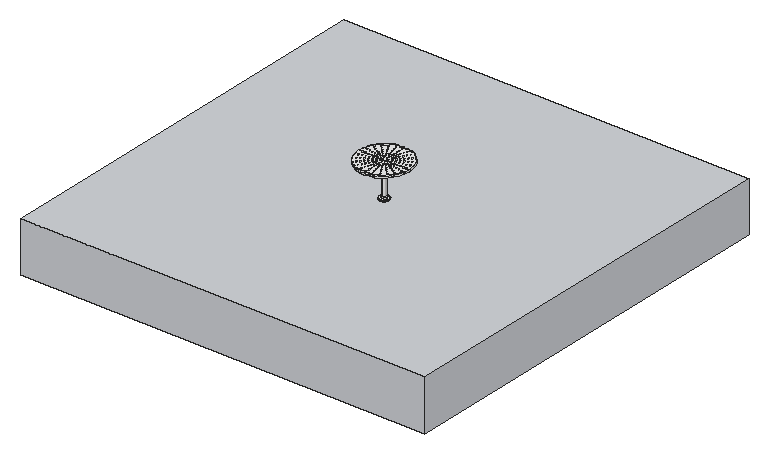
Revit family (continued)
Definition of nested family "13690_Base"
  Lines and regions (in)
    symbolic lines, style "Masking Lines", detail levels fine
      curve 324: arc (1.17986, 4.40331, 2.75) -> (1.22133, 4.33149, 2.75) -> (1.14951, 4.29003, 2.75) r 0.05864
      curve 325: arc (1.34362, 5.01447, 2.75) -> (1.30216, 5.08629, 2.75) -> (1.37398, 5.12775, 2.75) r 0.05864
      curve 326: arc (1.37398, 5.12775, 2.75) -> (1.41544, 5.05593, 2.75) -> (1.34362, 5.01447, 2.75) r 0.05864
      curve 327: arc (2.59568, 4.49585, 2.75) -> (2.57422, 4.57595, 2.75) -> (2.65432, 4.59742, 2.75) r 0.05864
      curve 328: arc (2.65432, 4.59742, 2.75) -> (2.67578, 4.51731, 2.75) -> (2.59568, 4.49585, 2.75) r 0.05864
      curve 329: arc (2.22068, 3.84633, 2.75) -> (2.19922, 3.92643, 2.75) -> (2.27932, 3.9479, 2.75) r 0.05864
      curve 330: arc (2.27932, 3.9479, 2.75) -> (2.30078, 3.8678, 2.75) -> (2.22068, 3.84633, 2.75) r 0.05864
      curve 331: arc (1.84568, 3.19681, 2.75) -> (1.82422, 3.27691, 2.75) -> (1.90432, 3.29838, 2.75) r 0.05864
      curve 332: arc (1.90432, 3.29838, 2.75) -> (1.92578, 3.21828, 2.75) -> (1.84568, 3.19681, 2.75) r 0.05864
      curve 333: arc (1.47068, 2.54729, 2.75) -> (1.44922, 2.6274, 2.75) -> (1.52932, 2.64886, 2.75) r 0.05864
      curve 334: arc (1.52932, 2.64886, 2.75) -> (1.55078, 2.56876, 2.75) -> (1.47068, 2.54729, 2.75) r 0.05864
      curve 335: arc (1.09568, 1.89777, 2.75) -> (1.07422, 1.97788, 2.75) -> (1.15432, 1.99934, 2.75) r 0.05864
      curve 336: arc (1.15432, 1.99934, 2.75) -> (1.17578, 1.91924, 2.75) -> (1.09568, 1.89777, 2.75) r 0.05864
      curve 337: arc (0.72068, 1.24826, 2.75) -> (0.69922, 1.32836, 2.75) -> (0.77932, 1.34982, 2.75) r 0.05864
      curve 338: arc (0.77932, 1.34982, 2.75) -> (0.80078, 1.26972, 2.75) -> (0.72068, 1.24826, 2.75) r 0.05864
      curve 339: arc (0.48887, 0.48887, 2.75) -> (0.48887, 0.57179, 2.75) -> (0.57179, 0.57179, 2.75) r 0.05864
      curve 340: arc (0.57179, 0.57179, 2.75) -> (0.57179, 0.48887, 2.75) -> (0.48887, 0.48887, 2.75) r 0.05864
      curve 341: arc (1.0192, 1.0192, 2.75) -> (1.0192, 1.10212, 2.75) -> (1.10212, 1.10212, 2.75) r 0.05864
      curve 342: arc (1.10212, 1.10212, 2.75) -> (1.10212, 1.0192, 2.75) -> (1.0192, 1.0192, 2.75) r 0.05864
      curve 343: arc (1.54953, 1.54953, 2.75) -> (1.54953, 1.63245, 2.75) -> (1.63245, 1.63245, 2.75) r 0.05864
      curve 344: arc (1.63245, 1.63245, 2.75) -> (1.63245, 1.54953, 2.75) -> (1.54953, 1.54953, 2.75) r 0.05864
      curve 345: arc (2.07986, 2.07986, 2.75) -> (2.07986, 2.16278, 2.75) -> (2.16278, 2.16278, 2.75) r 0.05864
      curve 346: arc (2.16278, 2.16278, 2.75) -> (2.16278, 2.07986, 2.75) -> (2.07986, 2.07986, 2.75) r 0.05864
      curve 347: arc (2.61019, 2.61019, 2.75) -> (2.61019, 2.69311, 2.75) -> (2.69311, 2.69311, 2.75) r 0.05864
      curve 348: arc (2.69311, 2.69311, 2.75) -> (2.69311, 2.61019, 2.75) -> (2.61019, 2.61019, 2.75) r 0.05864
      curve 349: arc (3.14052, 3.14052, 2.75) -> (3.14052, 3.22344, 2.75) -> (3.22344, 3.22344, 2.75) r 0.05864
      curve 350: arc (3.22344, 3.22344, 2.75) -> (3.22344, 3.14052, 2.75) -> (3.14052, 3.14052, 2.75) r 0.05864
      curve 351: arc (3.67085, 3.67085, 2.75) -> (3.67085, 3.75377, 2.75) -> (3.75377, 3.75377, 2.75) r 0.05864
      curve 352: arc (3.75377, 3.75377, 2.75) -> (3.75377, 3.67085, 2.75) -> (3.67085, 3.67085, 2.75) r 0.05864
      curve 353: arc (4.49585, 2.59568, 2.75) -> (4.51731, 2.67578, 2.75) -> (4.59742, 2.65432, 2.75) r 0.05864
      curve 354: arc (4.59742, 2.65432, 2.75) -> (4.57595, 2.57422, 2.75) -> (4.49585, 2.59568, 2.75) r 0.05864
      curve 355: arc (3.84633, 2.22068, 2.75) -> (3.8678, 2.30078, 2.75) -> (3.9479, 2.27932, 2.75) r 0.05864
      curve 356: arc (3.9479, 2.27932, 2.75) -> (3.92643, 2.19922, 2.75) -> (3.84633, 2.22068, 2.75) r 0.05864
      curve 357: arc (3.19681, 1.84568, 2.75) -> (3.21828, 1.92578, 2.75) -> (3.29838, 1.90432, 2.75) r 0.05864
      curve 358: arc (3.29838, 1.90432, 2.75) -> (3.27691, 1.82422, 2.75) -> (3.19681, 1.84568, 2.75) r 0.05864
      curve 359: arc (2.54729, 1.47068, 2.75) -> (2.56876, 1.55078, 2.75) -> (2.64886, 1.52932, 2.75) r 0.05864
      curve 360: arc (2.64886, 1.52932, 2.75) -> (2.6274, 1.44922, 2.75) -> (2.54729, 1.47068, 2.75) r 0.05864
      curve 361: arc (1.89777, 1.09568, 2.75) -> (1.91924, 1.17578, 2.75) -> (1.99934, 1.15432, 2.75) r 0.05864
      curve 362: arc (1.99934, 1.15432, 2.75) -> (1.97788, 1.07422, 2.75) -> (1.89777, 1.09568, 2.75) r 0.05864
      curve 363: arc (1.24826, 0.72068, 2.75) -> (1.26972, 0.80078, 2.75) -> (1.34982, 0.77932, 2.75) r 0.05864
      curve 364: arc (1.34982, 0.77932, 2.75) -> (1.32836, 0.69922, 2.75) -> (1.24826, 0.72068, 2.75) r 0.05864
      curve 365: arc (2.11669, 0.56717, 2.75) -> (2.15816, 0.63898, 2.75) -> (2.22997, 0.59752, 2.75) r 0.05864
      curve 366: arc (2.22997, 0.59752, 2.75) -> (2.18851, 0.5257, 2.75) -> (2.11669, 0.56717, 2.75) r 0.05864
      curve 367: arc (2.84114, 0.76128, 2.75) -> (2.8826, 0.8331, 2.75) -> (2.95442, 0.79163, 2.75) r 0.05864
      curve 368: arc (2.95442, 0.79163, 2.75) -> (2.91295, 0.71982, 2.75) -> (2.84114, 0.76128, 2.75) r 0.05864
      curve 369: arc (3.56558, 0.95539, 2.75) -> (3.60705, 1.02721, 2.75) -> (3.67886, 0.98575, 2.75) r 0.05864
      curve 370: arc (3.67886, 0.98575, 2.75) -> (3.6374, 0.91393, 2.75) -> (3.56558, 0.95539, 2.75) r 0.05864
      curve 371: arc (4.29003, 1.14951, 2.75) -> (4.33149, 1.22133, 2.75) -> (4.40331, 1.17986, 2.75) r 0.05864
      curve 372: arc (4.40331, 1.17986, 2.75) -> (4.36184, 1.10805, 2.75) -> (4.29003, 1.14951, 2.75) r 0.05864
      curve 373: arc (5.01447, 1.34362, 2.75) -> (5.05593, 1.41544, 2.75) -> (5.12775, 1.37398, 2.75) r 0.05864
      curve 374: arc (5.12775, 1.37398, 2.75) -> (5.08629, 1.30216, 2.75) -> (5.01447, 1.34362, 2.75) r 0.05864
  Dimensions and locks (in)
    equal spacing: plane 4 "Left", plane 3 "Center (Left/Right)", plane 5 "Right"
    equal spacing: plane 6 "Top", plane 1 "Center (Front/Back)", plane 7 "Bottom"
    plane 4 "Left" to plane 5 "Right" = 1' - 0"
    plane 6 "Top" to plane 7 "Bottom" = 1' - 0"
    plane 8 "Front" to plane 2 "Back" = 0' - 2 3/4"
    aligned and locked: plane 2 "Back" to level
  Automatic sketch dimensions
    Revolve 1 sketch curve to plane 4 "Left" = 0' - 0"
    Revolve 1 sketch curve to level = 0' - 0"  (x2)
    Revolve 1 sketch curve to plane 3 "Center (Left/Right)" = 0' - 0"  (x2)
    plane 4 "Left" to Revolve 1 sketch curve = 0' - 0.02974"
    plane 4 "Left" to Revolve 1 sketch curve = 0' - 0.02985"
    Revolve 1 sketch curve to plane 3 "Center (Left/Right)" = 0' - 0.72059"
    Revolve 1 sketch curve to Revolve 1 sketch curve = 0' - 0.03076"
    level to Revolve 1 sketch curve = 0' - 0.02372"
    Revolve 1 sketch curve to plane 3 "Center (Left/Right)" = 0' - 0.49543"
    Revolve 1 sketch curve to Revolve 1 sketch curve = 0' - 0.0199"
    Revolve 1 sketch curve to Revolve 1 sketch curve = 0' - 0.25135"
    Revolve 1 sketch curve to Revolve 1 sketch curve = 0' - 0.05803"
    Revolve 1 sketch curve to Revolve 1 sketch curve = 0' - 0.02688"
    Revolve 1 sketch curve to Revolve 1 sketch curve = 0' - 0"  (x2)
    Revolve 1 sketch curve to Revolve 1 sketch curve = 0' - 0.04464"
    Revolve 1 sketch curve to Revolve 1 sketch curve = 0' - 0.08818"
    plane 3 "Center (Left/Right)" to Revolve 1 sketch curve = 0' - 0.003"
    level to Revolve 1 sketch curve = 0' - 0.75212"
    Revolve 1 sketch curve to Revolve 1 sketch curve = 0' - 0.47299"
    Revolve 1 sketch curve to plane 8 "Front" = 0' - 0.50596"
    Revolve 1 sketch curve to plane 8 "Front" = 0' - 0.06293"
    Revolve 1 sketch curve to plane 8 "Front" = 0' - 0.01638"
    Masking region 1 sketch curve to plane 4 "Left" = 0' - 0"
    Masking region 1 sketch curve to level = 0' - 0"
    plane 5 "Right" to Masking region 1 sketch curve = 0' - 0"
    plane 4 "Left" to Masking region 1 sketch curve = 0' - 0.02974"
    Masking region 1 sketch curve to plane 3 "Center (Left/Right)" = 0' - 0.72059"
    Masking region 1 sketch curve to Masking region 1 sketch curve = 0' - 0.03076"  (x2)
    level to Masking region 1 sketch curve = 0' - 0.02372"
    Masking region 1 sketch curve to plane 3 "Center (Left/Right)" = 0' - 0.49543"
    Masking region 1 sketch curve to Masking region 1 sketch curve = 0' - 0.0199"
    level to Masking region 1 sketch curve = 0' - 0.02052"  (x2)
    Masking region 1 sketch curve to Masking region 1 sketch curve = 0' - 0.25135"  (x2)
    Masking region 1 sketch curve to Masking region 1 sketch curve = 0' - 0.05823"
    Masking region 1 sketch curve to Masking region 1 sketch curve = 0' - 0.02679"
    Masking region 1 sketch curve to Masking region 1 sketch curve = 0' - 0"  (x4)
    Masking region 1 sketch curve to Masking region 1 sketch curve = 0' - 0.04434"  (x2)
    Masking region 1 sketch curve to Masking region 1 sketch curve = 0' - 0.22998"  (x2)
    Masking region 1 sketch curve to plane 3 "Center (Left/Right)" = 0' - 0.00965"
    plane 3 "Center (Left/Right)" to Masking region 1 sketch curve = 0' - 0.00965"
    plane 3 "Center (Left/Right)" to Masking region 1 sketch curve = 0' - 0.26545"
    plane 3 "Center (Left/Right)" to Masking region 1 sketch curve = 0' - 0.33591"
    Masking region 1 sketch curve to Masking region 1 sketch curve = 0' - 0.01755"
    Masking region 1 sketch curve to Masking region 1 sketch curve = 0' - 0.10257"
    plane 3 "Center (Left/Right)" to Masking region 1 sketch curve = 0' - 0.47516"
    Masking region 1 sketch curve to Masking region 1 sketch curve = 0' - 0.00037"
    plane 5 "Right" to Masking region 1 sketch curve = 0' - 0.02974"
    Masking region 1 sketch curve to Masking region 1 sketch curve = 0' - 0.7284"  (x2)
    Masking region 1 sketch curve to Masking region 1 sketch curve = 0' - 0.47299"  (x2)
    Masking region 1 sketch curve to plane 8 "Front" = 0' - 0.50596"  (x2)
    Masking region 1 sketch curve to plane 8 "Front" = 0' - 0.06282"
    plane 8 "Front" to curve 1 = 0' - 0.01048"
    plane 4 "Left" to curve 1 = 0' - 0.7993"
    curve 1 to plane 8 "Front" = 0' - 0.02704"
    curve 1 to curve 1 = 0' - 0.00866"
    curve 2 to plane 3 "Center (Left/Right)" = 0' - 0.72059"
    curve 2 to curve 3 = 0' - 0.03076"
    curve 7 to plane 3 "Center (Left/Right)" = 0' - 0.49543"
    curve 4 to plane 3 "Center (Left/Right)" = 0' - 0.43848"
    curve 4 to curve 6 = 0' - 0.08502"
    curve 6 to curve 5 = 0' - 0.01755"
    curve 15 to plane 3 "Center (Left/Right)" = 0' - 0.19715"
    curve 7 to curve 10 = 0' - 0.00407"
    curve 14 to curve 16 = 0' - 0.01412"
    curve 10 to plane 3 "Center (Left/Right)" = 0' - 0.00005"
    curve 9 to curve 10 = 0' - 0"
    curve 16 to curve 12 = 0' - 0.0163"
    curve 12 to curve 11 = 0' - 0.00407"
    plane 3 "Center (Left/Right)" to curve 5 = 0' - 0.33591"
    curve 5 to curve 6 = 0' - 0.01755"
    curve 5 to curve 4 = 0' - 0.10257"
    curve 6 to curve 8 = 0' - 0.14197"
    curve 4 to curve 3 = 0' - 0.25135"
    curve 3 to curve 2 = 0' - 0.03076"
    curve 2 to plane 8 "Front" = 0' - 0.50596"
    curve 3 to curve 2 = 0' - 0.5744"
    curve 4 to curve 3 = 0' - 0.47299"
    curve 5 to curve 4 = 0' - 0.11319"
    curve 6 to curve 5 = 0' - 0.11886"
    curve 12 to curve 6 = 0' - 0.21248"
    level to curve 12 = 0' - 0.1745"
    curve 13 to curve 14 = 0' - 0.00021"
    curve 16 to curve 12 = 0' - 0.00706"
    Masking region 2 sketch curve to level = 0' - 0"
    plane 7 "Bottom" to Masking region 2 sketch curve = 0' - 0"
    plane 1 "Center (Front/Back)" to Masking region 2 sketch curve = 0' - 0.72059"
    Masking region 2 sketch curve to Masking region 2 sketch curve = 0' - 0.03104"  (x2)
    level to Masking region 2 sketch curve = 0' - 0.02359"
    plane 1 "Center (Front/Back)" to Masking region 2 sketch curve = 0' - 0.49532"
    Masking region 2 sketch curve to Masking region 2 sketch curve = 0' - 0.01979"  (x2)
    Masking region 2 sketch curve to Masking region 2 sketch curve = 0' - 0.25086"  (x2)
    Masking region 2 sketch curve to Masking region 2 sketch curve = 0' - 0.05684"
    Masking region 2 sketch curve to Masking region 2 sketch curve = 0' - 0.02985"
    Masking region 2 sketch curve to Masking region 2 sketch curve = 0' - 0.04589"  (x2)
    Masking region 2 sketch curve to Masking region 2 sketch curve = 0' - 0"  (x2)
    Masking region 2 sketch curve to Masking region 2 sketch curve = 0' - 0.08585"
    plane 1 "Center (Front/Back)" to Masking region 2 sketch curve = 0' - 0.03775"
    Masking region 2 sketch curve to plane 1 "Center (Front/Back)" = 0' - 0.03775"
    Masking region 2 sketch curve to plane 1 "Center (Front/Back)" = 0' - 0.26616"
    Masking region 2 sketch curve to plane 1 "Center (Front/Back)" = 0' - 0.33597"
    Masking region 2 sketch curve to Masking region 2 sketch curve = 0' - 0.01604"
    Masking region 2 sketch curve to Masking region 2 sketch curve = 0' - 0.10273"
    level to Masking region 2 sketch curve = 0' - 0.0201"
    Masking region 2 sketch curve to plane 1 "Center (Front/Back)" = 0' - 0.47553"
    Masking region 2 sketch curve to plane 6 "Top" = 0' - 0.03006"
    Masking region 2 sketch curve to plane 6 "Top" = 0' - 0.03001"
    plane 6 "Top" to Masking region 2 sketch curve = 0' - 0"
    Masking region 2 sketch curve to Masking region 2 sketch curve = 0' - 0.72853"  (x2)
    Masking region 2 sketch curve to Masking region 2 sketch curve = 0' - 0.06454"  (x2)
    Masking region 2 sketch curve to Masking region 2 sketch curve = 0' - 0.47299"  (x2)
    Masking region 2 sketch curve to plane 8 "Front" = 0' - 0.48926"  (x2)
    Masking region 2 sketch curve to plane 8 "Front" = 0' - 0.04644"
    level to curve 21 = 0' - 0.02022"
    plane 1 "Center (Front/Back)" to curve 21 = 0' - 0.49543"
    plane 1 "Center (Front/Back)" to curve 22 = 0' - 0.49532"
    curve 22 to plane 1 "Center (Front/Back)" = 0' - 0.49532"
    curve 21 to plane 1 "Center (Front/Back)" = 0' - 0.49543"
    curve 21 to curve 22 = 0' - 0.7319"
    Masking region 3 sketch curve to plane 4 "Left" = 0' - 0"
    Masking region 3 sketch curve to plane 5 "Right" = 0' - 0"
    Masking region 3 sketch curve to plane 7 "Bottom" = 0' - 0"
    Masking region 3 sketch curve to plane 6 "Top" = 0' - 0"
    plane 7 "Bottom" to Masking region 2 sketch curve = 0' - 0.03008"
    Masking region 4 sketch curve to Masking region 4 sketch curve = 0' - 0"  (x2)
    plane 1 "Center (Front/Back)" to Masking region 4 sketch curve = 0' - 0"
    Masking region 4 sketch curve to plane 4 "Left" = 0' - 0"
    Masking region 4 sketch curve to plane 3 "Center (Left/Right)" = 0' - 0"
    Extrusion 2 sketch curve to Extrusion 2 sketch curve = 0' - 0"  (x288)
    plane 1 "Center (Front/Back)" to Extrusion 2 sketch curve = 0' - 0"  (x14)
    Extrusion 2 sketch curve to plane 3 "Center (Left/Right)" = 0' - 0"  (x14)
    plane 3 "Center (Left/Right)" to Extrusion 2 sketch curve = 0' - 0.48887"  (x2)
    Extrusion 2 sketch curve to Extrusion 2 sketch curve = 0' - 0.04146"  (x84)
    plane 3 "Center (Left/Right)" to Extrusion 2 sketch curve = 0' - 0.56717"  (x2)
    Extrusion 2 sketch curve to Extrusion 2 sketch curve = 0' - 0.01518"  (x60)
    Extrusion 2 sketch curve to Extrusion 2 sketch curve = 0' - 0.2025"  (x4)
    Extrusion 2 sketch curve to Extrusion 2 sketch curve = 0' - 0.14889"  (x8)
    Extrusion 2 sketch curve to Extrusion 2 sketch curve = 0' - 0.02932"  (x72)
    Extrusion 2 sketch curve to Extrusion 2 sketch curve = 0' - 0.05864"  (x28)
    Extrusion 2 sketch curve to Extrusion 2 sketch curve = 0' - 0.16376"  (x32)
    Extrusion 2 sketch curve to Extrusion 2 sketch curve = 0' - 0.29852"  (x8)
    Extrusion 2 sketch curve to Extrusion 2 sketch curve = 0' - 0.52851"  (x8)
    Extrusion 2 sketch curve to Extrusion 2 sketch curve = 0' - 0.22906"  (x8)
    Extrusion 2 sketch curve to Extrusion 2 sketch curve = 0' - 0 13/256"  (x72)
    Extrusion 2 sketch curve to Extrusion 2 sketch curve = 0' - 0.63272"  (x20)
    Extrusion 2 sketch curve to Extrusion 2 sketch curve = 0' - 0.31636"  (x32)
    Extrusion 2 sketch curve to Extrusion 2 sketch curve = 0' - 0.45385"  (x8)
    Extrusion 2 sketch curve to Extrusion 2 sketch curve = 0' - 0.34825"  (x8)
    Extrusion 2 sketch curve to Extrusion 2 sketch curve = 0' - 0.4474"  (x32)
    Extrusion 2 sketch curve to Extrusion 2 sketch curve = 0' - 0.21892"  (x8)
    Extrusion 2 sketch curve to Extrusion 2 sketch curve = 0' - 0.05664"  (x60)
    Extrusion 2 sketch curve to Extrusion 2 sketch curve = 0' - 0.07467"  (x4)
    Extrusion 2 sketch curve to Extrusion 2 sketch curve = 0' - 0.54795"  (x32)
    Extrusion 2 sketch curve to Extrusion 2 sketch curve = 0' - 0.61116"  (x32)
    Extrusion 2 sketch curve to plane 3 "Center (Left/Right)" = 0' - 0.48887"  (x2)
    Extrusion 2 sketch curve to plane 3 "Center (Left/Right)" = 0' - 0.56717"  (x2)
    Extrusion 2 sketch curve to plane 1 "Center (Front/Back)" = 0' - 0.48887"  (x2)
    Extrusion 2 sketch curve to plane 1 "Center (Front/Back)" = 0' - 0.56717"  (x2)
    plane 1 "Center (Front/Back)" to Extrusion 2 sketch curve = 0' - 0.48887"  (x2)
    plane 1 "Center (Front/Back)" to Extrusion 2 sketch curve = 0' - 0.56717"  (x2)
    curve 27 to curve 28 = 0' - 0"  (x2)
    curve 27 to curve 57 = 0' - 0"  (x2)
    curve 27 to curve 58 = 0' - 0"  (x2)
    curve 28 to curve 57 = 0' - 0"  (x2)
    curve 28 to curve 58 = 0' - 0"  (x2)
    curve 29 to curve 30 = 0' - 0"  (x2)
    curve 29 to curve 87 = 0' - 0"  (x2)
    curve 29 to curve 88 = 0' - 0"  (x2)
    curve 30 to curve 87 = 0' - 0"  (x2)
    curve 30 to curve 88 = 0' - 0"  (x3)
    curve 31 to curve 32 = 0' - 0"  (x2)
    curve 31 to curve 89 = 0' - 0"  (x2)
    curve 31 to curve 90 = 0' - 0"  (x2)
    curve 32 to curve 89 = 0' - 0"  (x2)
    curve 32 to curve 90 = 0' - 0"  (x2)
    curve 33 to curve 34 = 0' - 0"  (x2)
    curve 33 to curve 91 = 0' - 0"  (x2)
    curve 33 to curve 92 = 0' - 0"  (x2)
    curve 34 to curve 91 = 0' - 0"  (x2)
    curve 34 to curve 92 = 0' - 0"  (x3)
    curve 35 to curve 36 = 0' - 0"  (x2)
    curve 35 to curve 93 = 0' - 0"  (x2)
    curve 35 to curve 94 = 0' - 0"  (x2)
    curve 36 to curve 93 = 0' - 0"  (x2)
    curve 36 to curve 94 = 0' - 0"  (x2)
    curve 37 to curve 38 = 0' - 0"  (x2)
    curve 37 to curve 95 = 0' - 0"  (x2)
    curve 37 to curve 96 = 0' - 0"  (x2)
    curve 38 to curve 95 = 0' - 0"  (x2)
    curve 38 to curve 96 = 0' - 0"  (x3)
    curve 39 to curve 40 = 0' - 0"  (x2)
    curve 39 to curve 97 = 0' - 0"  (x2)
    curve 39 to curve 98 = 0' - 0"  (x2)
    curve 40 to curve 97 = 0' - 0"  (x2)
    curve 40 to curve 98 = 0' - 0"  (x2)
    curve 41 to curve 42 = 0' - 0"  (x2)
    curve 41 to curve 99 = 0' - 0"  (x2)
    curve 41 to curve 100 = 0' - 0"  (x2)
    curve 42 to curve 99 = 0' - 0"  (x2)
    curve 42 to curve 100 = 0' - 0"  (x3)
    curve 43 to curve 44 = 0' - 0"  (x2)
    curve 43 to curve 101 = 0' - 0"  (x2)
    curve 43 to curve 102 = 0' - 0"  (x2)
    curve 44 to curve 101 = 0' - 0"  (x2)
    curve 44 to curve 102 = 0' - 0"  (x2)
    curve 45 to curve 46 = 0' - 0"  (x2)
    curve 45 to curve 103 = 0' - 0"  (x2)
    curve 45 to curve 104 = 0' - 0"  (x2)
    curve 46 to curve 103 = 0' - 0"  (x2)
    curve 46 to curve 104 = 0' - 0"  (x2)
    curve 47 to curve 48 = 0' - 0"  (x2)
    curve 47 to curve 105 = 0' - 0"  (x3)
    curve 47 to curve 106 = 0' - 0"  (x2)
    curve 48 to curve 105 = 0' - 0"  (x2)
    curve 48 to curve 106 = 0' - 0"  (x2)
    curve 49 to curve 50 = 0' - 0"  (x2)
    curve 49 to curve 107 = 0' - 0"  (x2)
    curve 49 to curve 108 = 0' - 0"  (x2)
    curve 50 to curve 107 = 0' - 0"  (x2)
    curve 50 to curve 108 = 0' - 0"  (x3)
    curve 51 to curve 52 = 0' - 0"  (x2)
    curve 51 to curve 109 = 0' - 0"  (x2)
    curve 51 to curve 110 = 0' - 0"  (x2)
    curve 52 to curve 109 = 0' - 0"  (x2)
    curve 52 to curve 110 = 0' - 0"  (x3)
    curve 53 to curve 54 = 0' - 0"  (x2)
    curve 53 to curve 111 = 0' - 0"  (x2)
    curve 53 to curve 112 = 0' - 0"  (x2)
    curve 54 to curve 111 = 0' - 0"  (x3)
    curve 54 to curve 112 = 0' - 0"  (x2)
    curve 55 to curve 56 = 0' - 0"  (x2)
    curve 55 to curve 113 = 0' - 0"  (x3)
    curve 55 to curve 114 = 0' - 0"  (x2)
    curve 56 to curve 113 = 0' - 0"  (x2)
    curve 56 to curve 114 = 0' - 0"  (x2)
    curve 57 to curve 58 = 0' - 0"  (x2)
    curve 59 to curve 60 = 0' - 0"  (x2)
    curve 59 to curve 115 = 0' - 0"  (x2)
    curve 59 to curve 116 = 0' - 0"  (x2)
    curve 60 to curve 115 = 0' - 0"  (x2)
    curve 60 to curve 116 = 0' - 0"  (x2)
    curve 61 to curve 62 = 0' - 0"  (x2)
    curve 61 to curve 117 = 0' - 0"  (x3)
    curve 61 to curve 118 = 0' - 0"  (x2)
    curve 62 to curve 117 = 0' - 0"  (x2)
    curve 62 to curve 118 = 0' - 0"  (x2)
    curve 63 to curve 64 = 0' - 0"  (x2)
    curve 63 to curve 119 = 0' - 0"  (x2)
    curve 63 to curve 120 = 0' - 0"  (x2)
    curve 64 to curve 119 = 0' - 0"  (x2)
    curve 64 to curve 120 = 0' - 0"  (x2)
    curve 65 to curve 66 = 0' - 0"  (x2)
    curve 65 to curve 121 = 0' - 0"  (x3)
    curve 65 to curve 122 = 0' - 0"  (x2)
    curve 66 to curve 121 = 0' - 0"  (x2)
    curve 66 to curve 122 = 0' - 0"  (x2)
    curve 67 to curve 68 = 0' - 0"  (x2)
    curve 67 to curve 123 = 0' - 0"  (x2)
    curve 67 to curve 124 = 0' - 0"  (x2)
    curve 68 to curve 123 = 0' - 0"  (x2)
    curve 68 to curve 124 = 0' - 0"  (x2)
    curve 69 to curve 70 = 0' - 0"  (x2)
    curve 69 to curve 125 = 0' - 0"  (x2)
    curve 69 to curve 126 = 0' - 0"  (x2)
    curve 70 to curve 125 = 0' - 0"  (x2)
    curve 70 to curve 126 = 0' - 0"  (x2)
    curve 71 to curve 72 = 0' - 0"  (x2)
    curve 71 to curve 127 = 0' - 0"  (x3)
    curve 71 to curve 128 = 0' - 0"  (x2)
    curve 72 to curve 127 = 0' - 0"  (x2)
    curve 72 to curve 128 = 0' - 0"  (x2)
    curve 73 to curve 74 = 0' - 0"  (x2)
    curve 75 to curve 76 = 0' - 0"  (x2)
    curve 75 to curve 131 = 0' - 0"  (x3)
    curve 75 to curve 132 = 0' - 0"  (x2)
    curve 76 to curve 131 = 0' - 0"  (x2)
    curve 76 to curve 132 = 0' - 0"  (x2)
    curve 77 to curve 78 = 0' - 0"  (x2)
    curve 77 to curve 133 = 0' - 0"  (x3)
    curve 77 to curve 134 = 0' - 0"  (x2)
    curve 78 to curve 133 = 0' - 0"  (x2)
    curve 78 to curve 134 = 0' - 0"  (x2)
    curve 79 to curve 80 = 0' - 0"  (x2)
    curve 79 to curve 135 = 0' - 0"  (x2)
    curve 79 to curve 136 = 0' - 0"  (x2)
    curve 80 to curve 135 = 0' - 0"  (x2)
    curve 80 to curve 136 = 0' - 0"  (x3)
    curve 81 to curve 82 = 0' - 0"  (x2)
    curve 81 to curve 137 = 0' - 0"  (x2)
    curve 81 to curve 138 = 0' - 0"  (x2)
    curve 82 to curve 137 = 0' - 0"  (x3)
    curve 82 to curve 138 = 0' - 0"  (x2)
    curve 83 to curve 84 = 0' - 0"  (x2)
    curve 83 to curve 139 = 0' - 0"  (x2)
    curve 83 to curve 140 = 0' - 0"  (x2)
    curve 84 to curve 139 = 0' - 0"  (x2)
    curve 84 to curve 140 = 0' - 0"  (x3)
    curve 85 to curve 86 = 0' - 0"  (x2)
    curve 85 to curve 141 = 0' - 0"  (x2)
    curve 85 to curve 142 = 0' - 0"  (x2)
    curve 86 to curve 141 = 0' - 0"  (x2)
    curve 86 to curve 142 = 0' - 0"  (x2)
    curve 87 to curve 88 = 0' - 0"  (x2)
    curve 89 to curve 90 = 0' - 0"  (x2)
    curve 91 to curve 92 = 0' - 0"  (x2)
    curve 93 to curve 94 = 0' - 0"  (x2)
    curve 95 to curve 96 = 0' - 0"  (x2)
    curve 97 to curve 98 = 0' - 0"  (x2)
    curve 99 to curve 100 = 0' - 0"  (x2)
    curve 101 to curve 102 = 0' - 0"  (x2)
    curve 103 to curve 104 = 0' - 0"  (x2)
    curve 105 to curve 106 = 0' - 0"  (x2)
    curve 107 to curve 108 = 0' - 0"  (x2)
    curve 109 to curve 110 = 0' - 0"  (x2)
    curve 111 to curve 112 = 0' - 0"  (x2)
    curve 113 to curve 114 = 0' - 0"  (x2)
    curve 115 to curve 116 = 0' - 0"  (x2)
    curve 117 to curve 118 = 0' - 0"  (x2)
    curve 119 to curve 120 = 0' - 0"  (x2)
    curve 121 to curve 122 = 0' - 0"  (x2)
    curve 123 to curve 124 = 0' - 0"  (x2)
    curve 125 to curve 126 = 0' - 0"  (x2)
    curve 127 to curve 128 = 0' - 0"  (x2)
    curve 129 to curve 130 = 0' - 0"  (x2)
    curve 131 to curve 132 = 0' - 0"  (x2)
    curve 133 to curve 134 = 0' - 0"  (x2)
    curve 135 to curve 136 = 0' - 0"  (x2)
    curve 137 to curve 138 = 0' - 0"  (x2)
    curve 139 to curve 140 = 0' - 0"  (x2)
    curve 141 to curve 142 = 0' - 0"  (x2)
    curve 143 to curve 144 = 0' - 0"  (x2)
    curve 145 to curve 146 = 0' - 0"  (x2)
    curve 147 to curve 148 = 0' - 0"  (x2)
    curve 149 to curve 150 = 0' - 0"  (x2)
    curve 151 to curve 152 = 0' - 0"  (x2)
    curve 153 to curve 154 = 0' - 0"  (x2)
    curve 155 to curve 156 = 0' - 0"  (x2)
    curve 157 to curve 158 = 0' - 0"  (x2)
    curve 159 to curve 160 = 0' - 0"  (x2)
    curve 161 to curve 162 = 0' - 0"  (x2)
    curve 163 to curve 164 = 0' - 0"  (x2)
    curve 165 to curve 166 = 0' - 0"  (x2)
    curve 167 to curve 168 = 0' - 0"  (x2)
    curve 169 to curve 170 = 0' - 0"  (x2)
    curve 171 to curve 172 = 0' - 0"  (x2)
    curve 173 to curve 174 = 0' - 0"  (x2)
    curve 175 to curve 176 = 0' - 0"  (x2)
    curve 177 to curve 178 = 0' - 0"  (x2)
    curve 179 to curve 180 = 0' - 0"  (x2)
    curve 181 to curve 182 = 0' - 0"  (x2)
    curve 183 to curve 184 = 0' - 0"  (x2)
    curve 185 to curve 186 = 0' - 0"  (x2)
    curve 187 to curve 188 = 0' - 0"  (x2)
    curve 189 to curve 190 = 0' - 0"  (x2)
    curve 191 to curve 192 = 0' - 0"  (x2)
    curve 193 to curve 194 = 0' - 0"  (x2)
    curve 195 to curve 196 = 0' - 0"  (x2)
    curve 197 to curve 198 = 0' - 0"  (x2)
    curve 199 to curve 200 = 0' - 0"  (x2)
    curve 201 to curve 202 = 0' - 0"  (x2)
    curve 203 to curve 204 = 0' - 0"  (x2)
    curve 205 to curve 206 = 0' - 0"  (x2)
    curve 207 to curve 208 = 0' - 0"  (x2)
    curve 209 to curve 210 = 0' - 0"  (x2)
    curve 211 to curve 212 = 0' - 0"  (x2)
    curve 213 to curve 214 = 0' - 0"  (x2)
    curve 215 to curve 216 = 0' - 0"  (x2)
    curve 217 to curve 218 = 0' - 0"  (x2)
    curve 219 to curve 220 = 0' - 0"  (x2)
    curve 221 to curve 222 = 0' - 0"  (x2)
    curve 223 to curve 224 = 0' - 0"  (x2)
    curve 225 to curve 226 = 0' - 0"  (x2)
    curve 227 to curve 228 = 0' - 0"  (x2)
    curve 229 to curve 230 = 0' - 0"  (x2)
    curve 231 to curve 232 = 0' - 0"  (x2)
    curve 233 to curve 234 = 0' - 0"  (x2)
    curve 235 to curve 236 = 0' - 0"  (x2)
    curve 237 to curve 238 = 0' - 0"  (x2)
    curve 239 to curve 240 = 0' - 0"  (x2)
    curve 241 to curve 242 = 0' - 0"  (x2)
    curve 243 to curve 244 = 0' - 0"  (x2)
    curve 245 to curve 246 = 0' - 0"  (x2)
    curve 247 to curve 248 = 0' - 0"  (x2)
    curve 249 to curve 250 = 0' - 0"  (x2)
    curve 251 to curve 252 = 0' - 0"  (x2)
    curve 253 to curve 254 = 0' - 0"  (x2)
    curve 255 to curve 256 = 0' - 0"  (x2)
    curve 257 to curve 258 = 0' - 0"  (x2)
    curve 259 to curve 260 = 0' - 0"  (x2)
    curve 261 to curve 262 = 0' - 0"  (x2)
    curve 263 to curve 264 = 0' - 0"  (x2)
    curve 265 to curve 266 = 0' - 0"  (x2)
    curve 267 to curve 268 = 0' - 0"  (x2)
    curve 269 to curve 270 = 0' - 0"  (x2)
    curve 271 to curve 272 = 0' - 0"  (x2)
    curve 273 to curve 274 = 0' - 0"  (x2)
    curve 275 to curve 276 = 0' - 0"  (x2)
    curve 277 to curve 278 = 0' - 0"  (x2)
    curve 279 to curve 280 = 0' - 0"  (x2)
    curve 281 to curve 282 = 0' - 0"  (x2)
    curve 283 to curve 284 = 0' - 0"  (x2)
    curve 285 to curve 286 = 0' - 0"  (x2)
    curve 287 to curve 288 = 0' - 0"  (x2)
    curve 289 to curve 290 = 0' - 0"  (x2)
    curve 291 to curve 292 = 0' - 0"  (x2)
    curve 293 to curve 294 = 0' - 0"  (x2)
    curve 295 to curve 296 = 0' - 0"  (x2)
    curve 297 to curve 298 = 0' - 0"  (x2)
    curve 299 to curve 300 = 0' - 0"  (x2)
    curve 301 to curve 302 = 0' - 0"  (x2)
    curve 303 to curve 304 = 0' - 0"  (x2)
    curve 305 to curve 306 = 0' - 0"  (x2)
    curve 307 to curve 308 = 0' - 0"  (x2)
    curve 309 to curve 310 = 0' - 0"  (x2)
    curve 311 to curve 312 = 0' - 0"  (x2)
    curve 313 to curve 314 = 0' - 0"  (x2)
    curve 315 to curve 316 = 0' - 0"  (x2)
    curve 317 to curve 318 = 0' - 0"  (x2)
    curve 319 to curve 320 = 0' - 0"  (x2)
    curve 321 to curve 322 = 0' - 0"  (x2)
    curve 323 to curve 324 = 0' - 0"  (x2)
    curve 325 to curve 326 = 0' - 0"  (x2)
    curve 327 to curve 328 = 0' - 0"  (x2)
    curve 329 to curve 330 = 0' - 0"  (x2)
    curve 331 to curve 332 = 0' - 0"  (x2)
    curve 333 to curve 334 = 0' - 0"  (x2)
    curve 335 to curve 336 = 0' - 0"  (x2)
    curve 337 to curve 338 = 0' - 0"  (x2)
    curve 339 to curve 340 = 0' - 0"  (x2)
    curve 341 to curve 342 = 0' - 0"  (x2)
    curve 343 to curve 344 = 0' - 0"  (x2)
    curve 345 to curve 346 = 0' - 0"  (x2)
    curve 347 to curve 348 = 0' - 0"  (x2)
    curve 349 to curve 350 = 0' - 0"  (x2)
    curve 351 to curve 352 = 0' - 0"  (x2)
    curve 353 to curve 354 = 0' - 0"  (x2)
    curve 355 to curve 356 = 0' - 0"  (x2)
    curve 357 to curve 358 = 0' - 0"  (x2)
    curve 359 to curve 360 = 0' - 0"  (x2)
    curve 361 to curve 362 = 0' - 0"  (x2)
    curve 363 to curve 364 = 0' - 0"  (x2)
    curve 365 to curve 366 = 0' - 0"  (x2)
    curve 367 to curve 368 = 0' - 0"  (x2)
    curve 369 to curve 370 = 0' - 0"  (x2)
    curve 371 to curve 372 = 0' - 0"  (x2)
    curve 373 to curve 374 = 0' - 0"  (x2)
    plane 1 "Center (Front/Back)" to curve 59 = 0' - 0"
    plane 1 "Center (Front/Back)" to curve 118 = 0' - 0"
    plane 1 "Center (Front/Back)" to curve 64 = 0' - 0"
    plane 1 "Center (Front/Back)" to curve 65 = 0' - 0"
    plane 1 "Center (Front/Back)" to curve 124 = 0' - 0"
    plane 1 "Center (Front/Back)" to curve 125 = 0' - 0"
    plane 1 "Center (Front/Back)" to curve 71 = 0' - 0"
    plane 1 "Center (Front/Back)" to curve 27 = 0' - 0"
    curve 112 to plane 3 "Center (Left/Right)" = 0' - 0"
    curve 109 to plane 3 "Center (Left/Right)" = 0' - 0"
    curve 108 to plane 3 "Center (Left/Right)" = 0' - 0"
    curve 106 to plane 3 "Center (Left/Right)" = 0' - 0"
    curve 104 to plane 3 "Center (Left/Right)" = 0' - 0"
    curve 102 to plane 3 "Center (Left/Right)" = 0' - 0"
    curve 100 to plane 3 "Center (Left/Right)" = 0' - 0"
    curve 98 to plane 3 "Center (Left/Right)" = 0' - 0"
    curve 96 to plane 3 "Center (Left/Right)" = 0' - 0"
    curve 94 to plane 3 "Center (Left/Right)" = 0' - 0"
    curve 92 to plane 3 "Center (Left/Right)" = 0' - 0"
    curve 90 to plane 3 "Center (Left/Right)" = 0' - 0"
    curve 88 to plane 3 "Center (Left/Right)" = 0' - 0"
    curve 58 to plane 3 "Center (Left/Right)" = 0' - 0"
    curve 56 to plane 3 "Center (Left/Right)" = 0' - 0"
    plane 1 "Center (Front/Back)" to curve 73 = 0' - 0"
    plane 1 "Center (Front/Back)" to curve 132 = 0' - 0"
    plane 1 "Center (Front/Back)" to curve 133 = 0' - 0"
    plane 1 "Center (Front/Back)" to curve 136 = 0' - 0"
    plane 1 "Center (Front/Back)" to curve 138 = 0' - 0"
    plane 1 "Center (Front/Back)" to curve 140 = 0' - 0"
    plane 1 "Center (Front/Back)" to curve 85 = 0' - 0"
    plane 3 "Center (Left/Right)" to curve 28 = 0' - 0.43848"
    plane 3 "Center (Left/Right)" to curve 340 = 0' - 0.48887"
    plane 3 "Center (Left/Right)" to curve 282 = 0' - 0.48887"
    curve 282 to curve 281 = 0' - 0.04146"  (x2)
    curve 339 to curve 339 = 0' - 0.04146"
    plane 3 "Center (Left/Right)" to curve 318 = 0' - 0.56717"
    plane 3 "Center (Left/Right)" to curve 260 = 0' - 0.56717"
    curve 340 to curve 340 = 0' - 0.04146"
    curve 317 to curve 317 = 0' - 0.01518"  (x2)
    curve 260 to curve 259 = 0' - 0.01518"
    curve 259 to curve 259 = 0' - 0.01518"
    curve 128 to curve 27 = 0' - 0.25288"
    curve 280 to curve 281 = 0' - 0.14889"
    curve 337 to curve 339 = 0' - 0.14889"
    curve 280 to curve 279 = 0' - 0.02932"  (x2)
    curve 128 to curve 71 = 0' - 0.05864"
    curve 338 to curve 337 = 0' - 0.02932"
    curve 319 to curve 318 = 0' - 0.16376"
    curve 261 to curve 260 = 0' - 0.16376"
    curve 261 to curve 261 = 0' - 0.01518"  (x2)
    curve 319 to curve 319 = 0' - 0.01518"
    curve 337 to curve 337 = 0' - 0.02932"
    curve 320 to curve 319 = 0' - 0.01518"
    curve 264 to curve 261 = 0' - 0.16376"
    curve 322 to curve 319 = 0' - 0.16376"
    curve 322 to curve 322 = 0' - 0.01518"
    curve 263 to curve 264 = 0' - 0.01518"
    curve 321 to curve 321 = 0' - 0.01518"
    curve 263 to curve 263 = 0' - 0.01518"
    curve 341 to curve 337 = 0' - 0.29852"
    curve 284 to curve 279 = 0' - 0.29852"
    curve 342 to curve 342 = 0' - 0.04146"
    curve 284 to curve 284 = 0' - 0.04146"
    curve 335 to curve 317 = 0' - 0.52851"
    curve 278 to curve 259 = 0' - 0.52851"
    curve 342 to curve 341 = 0' - 0.04146"
    curve 283 to curve 283 = 0' - 0.04146"
    curve 335 to curve 336 = 0' - 0.02932"
    curve 278 to curve 278 = 0' - 0.02932"
    curve 324 to curve 322 = 0' - 0.16376"
    curve 265 to curve 264 = 0' - 0.16376"
    curve 335 to curve 335 = 0' - 0.02932"
    curve 277 to curve 277 = 0' - 0.02932"
    curve 265 to curve 265 = 0' - 0.01518"
    curve 324 to curve 323 = 0' - 0.01518"
    curve 323 to curve 323 = 0' - 0.01518"
    curve 266 to curve 265 = 0' - 0.01518"
    curve 363 to curve 342 = 0' - 0.22906"
    curve 305 to curve 284 = 0' - 0.22906"
    curve 305 to curve 305 = 0' - 0 13/256"  (x2)
    curve 364 to curve 363 = 0' - 0 13/256"  (x2)
    curve 326 to curve 324 = 0' - 0.16376"
    curve 267 to curve 266 = 0' - 0.16376"
    curve 326 to curve 326 = 0' - 0.01518"
    curve 267 to curve 268 = 0' - 0.01518"
    curve 267 to curve 267 = 0' - 0.01518"
    curve 326 to curve 325 = 0' - 0.01518"
    curve 69 to curve 71 = 0' - 0.63272"
    curve 126 to curve 70 = 0' - 0"
    curve 333 to curve 335 = 0' - 0.31636"
    curve 276 to curve 277 = 0' - 0.31636"
    curve 70 to curve 69 = 0' - 0.05864"
    curve 333 to curve 334 = 0' - 0.02932"
    curve 276 to curve 276 = 0' - 0.02932"
    curve 333 to curve 333 = 0' - 0.02932"
    curve 276 to curve 275 = 0' - 0.02932"
    curve 285 to curve 278 = 0' - 0.45385"
    curve 343 to curve 336 = 0' - 0.45385"
    curve 344 to curve 343 = 0' - 0.04146"  (x2)
    curve 285 to curve 285 = 0' - 0.04146"  (x2)
    curve 286 to curve 285 = 0' - 0.04146"
    curve 274 to curve 275 = 0' - 0.31636"
    curve 332 to curve 334 = 0' - 0.31636"
    curve 274 to curve 273 = 0' - 0.02932"
    curve 332 to curve 331 = 0' - 0.02932"
    curve 362 to curve 343 = 0' - 0.34825"
    curve 303 to curve 285 = 0' - 0.34825"
    curve 273 to curve 273 = 0' - 0.02932"
    curve 331 to curve 331 = 0' - 0.02932"
    curve 362 to curve 361 = 0' - 0 13/256"  (x2)
    curve 304 to curve 303 = 0' - 0 13/256"  (x2)
    curve 345 to curve 343 = 0' - 0.4474"  (x2)
    curve 287 to curve 285 = 0' - 0.4474"
    curve 307 to curve 304 = 0' - 0.21892"
    curve 365 to curve 361 = 0' - 0.21892"
    curve 288 to curve 287 = 0' - 0.04146"  (x2)
    curve 346 to curve 345 = 0' - 0.04146"  (x2)
    curve 345 to curve 345 = 0' - 0.04146"
    curve 365 to curve 365 = 0' - 0.05664"
    curve 308 to curve 307 = 0' - 0.05664"  (x2)
    curve 67 to curve 307 = 0' - 0.07467"
    curve 123 to curve 67 = 0' - 0"
    curve 272 to curve 274 = 0' - 0.31636"
    curve 329 to curve 332 = 0' - 0.31636"
    curve 366 to curve 365 = 0' - 0.05664"
    curve 123 to curve 67 = 0' - 0.05864"
    curve 272 to curve 271 = 0' - 0.02932"
    curve 329 to curve 329 = 0' - 0.02932"  (x2)
    curve 271 to curve 271 = 0' - 0.02932"
    curve 360 to curve 362 = 0' - 0.54795"
    curve 301 to curve 304 = 0' - 0.54795"
    curve 327 to curve 330 = 0' - 0.31636"
    curve 270 to curve 272 = 0' - 0.31636"
    curve 302 to curve 302 = 0' - 0 13/256"
    curve 359 to curve 360 = 0' - 0 13/256"
    curve 347 to curve 345 = 0' - 0.4474"  (x2)
    curve 290 to curve 287 = 0' - 0.4474"
    curve 327 to curve 327 = 0' - 0.02932"  (x2)
    curve 269 to curve 269 = 0' - 0.02932"  (x2)
    curve 301 to curve 301 = 0' - 0 13/256"
    curve 360 to curve 359 = 0' - 0 13/256"
    curve 290 to curve 289 = 0' - 0.04146"  (x2)
    curve 347 to curve 347 = 0' - 0.04146"  (x3)
    curve 309 to curve 308 = 0' - 0.61116"
    curve 367 to curve 366 = 0' - 0.61116"
    curve 368 to curve 368 = 0' - 0.05664"
    curve 310 to curve 310 = 0' - 0.05664"
    curve 121 to curve 67 = 0' - 0.63272"
    curve 310 to curve 309 = 0' - 0.05664"
    curve 368 to curve 367 = 0' - 0.05664"
    curve 66 to curve 65 = 0' - 0.05864"
    curve 291 to curve 290 = 0' - 0.4474"
    curve 349 to curve 347 = 0' - 0.4474"  (x2)
    curve 350 to curve 349 = 0' - 0.04146"  (x2)
    curve 292 to curve 291 = 0' - 0.04146"  (x2)
    curve 358 to curve 360 = 0' - 0.54795"
    curve 299 to curve 301 = 0' - 0.54795"
    curve 357 to curve 357 = 0' - 0 13/256"
    curve 300 to curve 299 = 0' - 0 13/256"
    curve 299 to curve 299 = 0' - 0 13/256"
    curve 358 to curve 357 = 0' - 0 13/256"
    curve 369 to curve 367 = 0' - 0.61116"
    curve 311 to curve 309 = 0' - 0.61116"
    curve 369 to curve 370 = 0' - 0.05664"
    curve 311 to curve 312 = 0' - 0.05664"
    curve 351 to curve 349 = 0' - 0.4474"  (x2)
    curve 294 to curve 291 = 0' - 0.4474"
    curve 312 to curve 311 = 0' - 0.05664"
    curve 370 to curve 369 = 0' - 0.05664"
    curve 64 to curve 65 = 0' - 0.63272"
    curve 119 to curve 63 = 0' - 0"
    curve 351 to curve 351 = 0' - 0.04146"  (x2)
    curve 293 to curve 293 = 0' - 0.04146"
    curve 120 to curve 63 = 0' - 0.05864"
    curve 294 to curve 293 = 0' - 0.04146"
    curve 355 to curve 357 = 0' - 0.54795"
    curve 297 to curve 299 = 0' - 0.54795"
    curve 298 to curve 297 = 0' - 0 13/256"
    curve 356 to curve 355 = 0' - 0 13/256"
    curve 297 to curve 297 = 0' - 0 13/256"
    curve 355 to curve 355 = 0' - 0 13/256"
    curve 314 to curve 311 = 0' - 0.61116"
    curve 371 to curve 369 = 0' - 0.61116"
    curve 372 to curve 372 = 0' - 0.05664"
    curve 313 to curve 314 = 0' - 0.05664"
    curve 371 to curve 371 = 0' - 0.05664"
    curve 314 to curve 313 = 0' - 0.05664"
    curve 118 to curve 63 = 0' - 0.63272"
    curve 353 to curve 355 = 0' - 0.54795"
    curve 296 to curve 297 = 0' - 0.54795"
    curve 118 to curve 61 = 0' - 0.05864"
    curve 295 to curve 295 = 0' - 0 13/256"
    curve 354 to curve 353 = 0' - 0 13/256"
    curve 296 to curve 295 = 0' - 0 13/256"
    curve 353 to curve 353 = 0' - 0 13/256"
    curve 316 to curve 313 = 0' - 0.61116"
    curve 373 to curve 371 = 0' - 0.61116"
    curve 315 to curve 316 = 0' - 0.05664"
    curve 374 to curve 374 = 0' - 0.05664"
    curve 316 to curve 315 = 0' - 0.05664"
    curve 373 to curve 373 = 0' - 0.05664"
    curve 59 to curve 61 = 0' - 0.63272"
    curve 115 to curve 59 = 0' - 0"
    curve 59 to curve 59 = 0' - 0.05864"
    curve 166 to plane 3 "Center (Left/Right)" = 0' - 0.48887"
    curve 223 to plane 3 "Center (Left/Right)" = 0' - 0.48887"
    curve 223 to curve 223 = 0' - 0.04146"  (x2)
    curve 166 to curve 165 = 0' - 0.04146"
    curve 143 to plane 3 "Center (Left/Right)" = 0' - 0.56717"
    curve 202 to plane 3 "Center (Left/Right)" = 0' - 0.56717"
    curve 165 to curve 166 = 0' - 0.04146"  (x2)
    curve 223 to curve 224 = 0' - 0.04146"
    curve 143 to curve 144 = 0' - 0.01518"
    curve 201 to curve 202 = 0' - 0.01518"  (x2)
    curve 143 to curve 143 = 0' - 0.01518"
    curve 27 to curve 73 = 0' - 0.23095"
    curve 73 to curve 130 = 0' - 0.04387"
    curve 165 to curve 164 = 0' - 0.14889"
    curve 223 to curve 221 = 0' - 0.14889"
    curve 129 to curve 73 = 0' - 0.01477"
    curve 163 to curve 164 = 0' - 0.02932"
    curve 221 to curve 222 = 0' - 0.02932"  (x2)
    curve 144 to curve 146 = 0' - 0.16376"
    curve 202 to curve 203 = 0' - 0.16376"
    curve 145 to curve 145 = 0' - 0.01518"
    curve 203 to curve 204 = 0' - 0.01518"
    curve 163 to curve 163 = 0' - 0.02932"
    curve 145 to curve 146 = 0' - 0.01518"
    curve 203 to curve 203 = 0' - 0.01518"
    curve 145 to curve 147 = 0' - 0.16376"
    curve 203 to curve 206 = 0' - 0.16376"
    curve 206 to curve 206 = 0' - 0.01518"
    curve 148 to curve 147 = 0' - 0.01518"
    curve 205 to curve 206 = 0' - 0.01518"
    curve 147 to curve 148 = 0' - 0.01518"
    curve 163 to curve 168 = 0' - 0.29852"
    curve 221 to curve 225 = 0' - 0.29852"
    curve 167 to curve 168 = 0' - 0.04146"  (x2)
    curve 226 to curve 226 = 0' - 0.04146"  (x2)
    curve 143 to curve 162 = 0' - 0.52851"
    curve 201 to curve 219 = 0' - 0.52851"
    curve 225 to curve 226 = 0' - 0.04146"
    curve 220 to curve 219 = 0' - 0.02932"
    curve 162 to curve 162 = 0' - 0.02932"
    curve 206 to curve 207 = 0' - 0.16376"
    curve 148 to curve 150 = 0' - 0.16376"
    curve 219 to curve 219 = 0' - 0.02932"
    curve 161 to curve 161 = 0' - 0.02932"
    curve 207 to curve 207 = 0' - 0.01518"
    curve 149 to curve 150 = 0' - 0.01518"
    curve 207 to curve 208 = 0' - 0.01518"
    curve 149 to curve 149 = 0' - 0.01518"
    curve 226 to curve 248 = 0' - 0.22906"
    curve 167 to curve 190 = 0' - 0.22906"
    curve 247 to curve 247 = 0' - 0 13/256"
    curve 189 to curve 190 = 0' - 0 13/256"
    curve 150 to curve 152 = 0' - 0.16376"
    curve 208 to curve 209 = 0' - 0.16376"
    curve 247 to curve 248 = 0' - 0 13/256"
    curve 189 to curve 189 = 0' - 0 13/256"
    curve 210 to curve 210 = 0' - 0.01518"
    curve 152 to curve 151 = 0' - 0.01518"
    curve 209 to curve 209 = 0' - 0.01518"
    curve 151 to curve 152 = 0' - 0.01518"
    curve 73 to curve 132 = 0' - 0.63272"
    curve 161 to curve 159 = 0' - 0.31636"
    curve 219 to curve 218 = 0' - 0.31636"
    curve 75 to curve 75 = 0' - 0.05864"
    curve 218 to curve 217 = 0' - 0.02932"
    curve 160 to curve 159 = 0' - 0.02932"
    curve 217 to curve 218 = 0' - 0.02932"
    curve 159 to curve 159 = 0' - 0.02932"
    curve 162 to curve 169 = 0' - 0.45385"
    curve 220 to curve 227 = 0' - 0.45385"
    curve 227 to curve 228 = 0' - 0.04146"
    curve 169 to curve 169 = 0' - 0.04146"  (x3)
    curve 227 to curve 227 = 0' - 0.04146"  (x2)
    curve 160 to curve 157 = 0' - 0.31636"
    curve 217 to curve 215 = 0' - 0.31636"
    curve 215 to curve 215 = 0' - 0.02932"  (x2)
    curve 157 to curve 157 = 0' - 0.02932"  (x2)
    curve 169 to curve 188 = 0' - 0.34825"
    curve 227 to curve 246 = 0' - 0.34825"
    curve 245 to curve 245 = 0' - 0 13/256"  (x2)
    curve 187 to curve 187 = 0' - 0 13/256"
    curve 187 to curve 188 = 0' - 0 13/256"
    curve 170 to curve 172 = 0' - 0.4474"
    curve 228 to curve 229 = 0' - 0.4474"
    curve 245 to curve 250 = 0' - 0.21892"
    curve 187 to curve 192 = 0' - 0.21892"
    curve 171 to curve 172 = 0' - 0.04146"  (x2)
    curve 229 to curve 229 = 0' - 0.04146"  (x2)
    curve 229 to curve 230 = 0' - 0.04146"
    curve 249 to curve 133 = 0' - 0.05273"
    curve 249 to curve 249 = 0' - 0.05664"
    curve 191 to curve 191 = 0' - 0.05664"
    curve 216 to curve 214 = 0' - 0.31636"
    curve 158 to curve 155 = 0' - 0.31636"
    curve 77 to curve 133 = 0' - 0.05864"
    curve 191 to curve 192 = 0' - 0.05664"
    curve 249 to curve 250 = 0' - 0.05664"
    curve 155 to curve 155 = 0' - 0.02932"  (x2)
    curve 213 to curve 213 = 0' - 0.02932"
    curve 213 to curve 214 = 0' - 0.02932"
    curve 246 to curve 243 = 0' - 0.54795"
    curve 188 to curve 185 = 0' - 0.54795"
    curve 156 to curve 153 = 0' - 0.31636"
    curve 214 to curve 211 = 0' - 0.31636"
    curve 186 to curve 185 = 0' - 0 13/256"
    curve 244 to curve 243 = 0' - 0 13/256"
    curve 229 to curve 232 = 0' - 0.4474"  (x2)
    curve 171 to curve 173 = 0' - 0.4474"
    curve 153 to curve 153 = 0' - 0.02932"  (x2)
    curve 211 to curve 211 = 0' - 0.02932"
    curve 243 to curve 243 = 0' - 0 13/256"
    curve 185 to curve 185 = 0' - 0 13/256"
    curve 173 to curve 173 = 0' - 0.04146"  (x2)
    curve 231 to curve 232 = 0' - 0.04146"
    curve 211 to curve 212 = 0' - 0.02932"
    curve 231 to curve 231 = 0' - 0.04146"  (x2)
    curve 173 to curve 174 = 0' - 0.04146"
    curve 192 to curve 194 = 0' - 0.61116"
    curve 250 to curve 252 = 0' - 0.61116"
    curve 251 to curve 251 = 0' - 0.05664"
    curve 193 to curve 193 = 0' - 0.05664"  (x2)
    curve 77 to curve 136 = 0' - 0.63272"
    curve 251 to curve 252 = 0' - 0.05664"
    curve 79 to curve 135 = 0' - 0.05864"
    curve 232 to curve 234 = 0' - 0.4474"
    curve 173 to curve 175 = 0' - 0.4474"
    curve 175 to curve 175 = 0' - 0.04146"  (x2)
    curve 233 to curve 234 = 0' - 0.04146"  (x3)
    curve 186 to curve 184 = 0' - 0.54795"
    curve 244 to curve 241 = 0' - 0.54795"
    curve 175 to curve 176 = 0' - 0.04146"
    curve 242 to curve 241 = 0' - 0 13/256"
    curve 183 to curve 183 = 0' - 0 13/256"
    curve 241 to curve 242 = 0' - 0 13/256"
    curve 183 to curve 184 = 0' - 0 13/256"
    curve 251 to curve 253 = 0' - 0.61116"
    curve 193 to curve 195 = 0' - 0.61116"
    curve 254 to curve 253 = 0' - 0.05664"
    curve 196 to curve 196 = 0' - 0.05664"
    curve 79 to curve 138 = 0' - 0.63272"
    curve 175 to curve 177 = 0' - 0.4474"
    curve 234 to curve 236 = 0' - 0.4474"
    curve 253 to curve 254 = 0' - 0.05664"
    curve 195 to curve 195 = 0' - 0.05664"
    curve 235 to curve 236 = 0' - 0.04146"  (x2)
    curve 177 to curve 177 = 0' - 0.04146"
    curve 81 to curve 82 = 0' - 0.05864"
    curve 177 to curve 178 = 0' - 0.04146"
    curve 183 to curve 182 = 0' - 0.54795"
    curve 241 to curve 240 = 0' - 0.54795"
    curve 181 to curve 182 = 0' - 0 13/256"  (x2)
    curve 239 to curve 240 = 0' - 0 13/256"
    curve 239 to curve 239 = 0' - 0 13/256"
    curve 253 to curve 256 = 0' - 0.61116"
    curve 195 to curve 198 = 0' - 0.61116"
    curve 256 to curve 256 = 0' - 0.05664"
    curve 198 to curve 197 = 0' - 0.05664"
    curve 197 to curve 198 = 0' - 0.05664"
    curve 255 to curve 255 = 0' - 0.05664"
    curve 81 to curve 140 = 0' - 0.63272"
    curve 83 to curve 139 = 0' - 0.05864"
    curve 181 to curve 180 = 0' - 0.54795"
    curve 239 to curve 237 = 0' - 0.54795"
    curve 237 to curve 237 = 0' - 0 13/256"
    curve 180 to curve 180 = 0' - 0 13/256"
    curve 180 to curve 179 = 0' - 0 13/256"
    curve 237 to curve 238 = 0' - 0 13/256"
    curve 197 to curve 200 = 0' - 0.61116"
    curve 255 to curve 258 = 0' - 0.61116"
    curve 258 to curve 257 = 0' - 0.05664"
    curve 200 to curve 200 = 0' - 0.05664"
    curve 257 to curve 257 = 0' - 0.05664"
    curve 199 to curve 200 = 0' - 0.05664"
    curve 83 to curve 85 = 0' - 0.63272"
    curve 141 to curve 85 = 0' - 0"
    curve 85 to curve 141 = 0' - 0.05864"
    curve 58 to curve 27 = 0' - 0.43848"
    curve 339 to plane 1 "Center (Front/Back)" = 0' - 0.48887"
    curve 166 to plane 1 "Center (Front/Back)" = 0' - 0.48887"
    curve 340 to curve 339 = 0' - 0.04146"
    curve 192 to plane 1 "Center (Front/Back)" = 0' - 0.56717"
    curve 365 to plane 1 "Center (Front/Back)" = 0' - 0.56717"
    curve 191 to curve 191 = 0' - 0.01518"
    curve 366 to curve 365 = 0' - 0.01518"
    curve 100 to curve 57 = 0' - 0.25288"
    curve 363 to curve 340 = 0' - 0.14889"
    curve 189 to curve 166 = 0' - 0.14889"
    curve 99 to curve 42 = 0' - 0.05864"
    curve 363 to curve 363 = 0' - 0.02932"
    curve 189 to curve 190 = 0' - 0.02932"
    curve 368 to curve 366 = 0' - 0.16376"
    curve 193 to curve 192 = 0' - 0.16376"
    curve 368 to curve 367 = 0' - 0.01518"
    curve 193 to curve 193 = 0' - 0.01518"
    curve 369 to curve 367 = 0' - 0.16376"
    curve 195 to curve 193 = 0' - 0.16376"
    curve 196 to curve 196 = 0' - 0.01518"
    curve 369 to curve 370 = 0' - 0.01518"
    curve 341 to curve 363 = 0' - 0.29852"
    curve 167 to curve 190 = 0' - 0.29852"
    curve 341 to curve 341 = 0' - 0.04146"
    curve 167 to curve 167 = 0' - 0.04146"
    curve 188 to curve 192 = 0' - 0.52851"
    curve 362 to curve 366 = 0' - 0.52851"
    curve 362 to curve 361 = 0' - 0.02932"
    curve 187 to curve 187 = 0' - 0.02932"
    curve 197 to curve 195 = 0' - 0.16376"
    curve 371 to curve 369 = 0' - 0.16376"
    curve 198 to curve 198 = 0' - 0.01518"
    curve 371 to curve 372 = 0' - 0.01518"
    curve 337 to curve 341 = 0' - 0.22906"
    curve 164 to curve 168 = 0' - 0.22906"
    curve 337 to curve 337 = 0' - 0 13/256"
    curve 164 to curve 163 = 0' - 0 13/256"
    curve 200 to curve 197 = 0' - 0.16376"
    curve 373 to curve 371 = 0' - 0.16376"
    curve 199 to curve 200 = 0' - 0.01518"
    curve 374 to curve 374 = 0' - 0.01518"
    curve 39 to curve 41 = 0' - 0.63272"
    curve 97 to curve 39 = 0' - 0"
    curve 186 to curve 187 = 0' - 0.31636"
    curve 360 to curve 362 = 0' - 0.31636"
    curve 360 to curve 360 = 0' - 0.02932"
    curve 185 to curve 186 = 0' - 0.02932"
    curve 40 to curve 39 = 0' - 0.05864"
    curve 170 to curve 187 = 0' - 0.45385"
    curve 343 to curve 361 = 0' - 0.45385"
    curve 343 to curve 343 = 0' - 0.04146"
    curve 358 to curve 359 = 0' - 0.31636"
    curve 183 to curve 186 = 0' - 0.31636"
    curve 183 to curve 183 = 0' - 0.02932"
    curve 357 to curve 357 = 0' - 0.02932"
    curve 161 to curve 169 = 0' - 0.34825"
    curve 336 to curve 344 = 0' - 0.34825"
    curve 162 to curve 162 = 0' - 0 13/256"
    curve 336 to curve 336 = 0' - 0 13/256"
    curve 171 to curve 170 = 0' - 0.4474"
    curve 317 to curve 335 = 0' - 0.21892"
    curve 144 to curve 161 = 0' - 0.21892"
    curve 171 to curve 171 = 0' - 0.04146"
    curve 143 to curve 143 = 0' - 0.05664"
    curve 318 to curve 318 = 0' - 0.05664"
    curve 96 to curve 143 = 0' - 0.07467"
    curve 355 to curve 357 = 0' - 0.31636"
    curve 182 to curve 183 = 0' - 0.31636"
    curve 181 to curve 181 = 0' - 0.02932"
    curve 38 to curve 37 = 0' - 0.05864"
    curve 355 to curve 355 = 0' - 0.02932"
    curve 160 to curve 161 = 0' - 0.54795"
    curve 333 to curve 336 = 0' - 0.54795"
    curve 354 to curve 355 = 0' - 0.31636"
    curve 180 to curve 181 = 0' - 0.31636"
    curve 159 to curve 160 = 0' - 0 13/256"
    curve 334 to curve 334 = 0' - 0 13/256"
    curve 173 to curve 171 = 0' - 0.4474"
    curve 179 to curve 180 = 0' - 0.02932"
    curve 354 to curve 353 = 0' - 0.02932"
    curve 319 to curve 318 = 0' - 0.61116"
    curve 145 to curve 144 = 0' - 0.61116"
    curve 319 to curve 319 = 0' - 0.05664"
    curve 146 to curve 145 = 0' - 0.05664"
    curve 35 to curve 37 = 0' - 0.63272"
    curve 93 to curve 35 = 0' - 0"
    curve 93 to curve 35 = 0' - 0.05864"
    curve 175 to curve 173 = 0' - 0.4474"
    curve 349 to curve 349 = 0' - 0.04146"
    curve 158 to curve 160 = 0' - 0.54795"
    curve 332 to curve 334 = 0' - 0.54795"
    curve 157 to curve 157 = 0' - 0 13/256"
    curve 331 to curve 331 = 0' - 0 13/256"
    curve 321 to curve 319 = 0' - 0.61116"
    curve 148 to curve 145 = 0' - 0.61116"
    curve 322 to curve 321 = 0' - 0.05664"
    curve 147 to curve 148 = 0' - 0.05664"
    curve 177 to curve 175 = 0' - 0.4474"
    curve 92 to curve 35 = 0' - 0.63272"
    curve 178 to curve 177 = 0' - 0.04146"
    curve 351 to curve 352 = 0' - 0.04146"
    curve 34 to curve 33 = 0' - 0.05864"
    curve 156 to curve 158 = 0' - 0.54795"
    curve 330 to curve 332 = 0' - 0.54795"
    curve 156 to curve 155 = 0' - 0 13/256"
    curve 329 to curve 329 = 0' - 0 13/256"
    curve 324 to curve 322 = 0' - 0.61116"
    curve 149 to curve 148 = 0' - 0.61116"
    curve 323 to curve 323 = 0' - 0.05664"
    curve 150 to curve 149 = 0' - 0.05664"
    curve 31 to curve 33 = 0' - 0.63272"
    curve 89 to curve 31 = 0' - 0"
    curve 327 to curve 330 = 0' - 0.54795"
    curve 154 to curve 156 = 0' - 0.54795"
    curve 31 to curve 31 = 0' - 0.05864"
    curve 327 to curve 327 = 0' - 0 13/256"
    curve 154 to curve 153 = 0' - 0 13/256"
    curve 152 to curve 150 = 0' - 0.61116"
    curve 326 to curve 324 = 0' - 0.61116"
    curve 326 to curve 325 = 0' - 0.05664"
    curve 152 to curve 152 = 0' - 0.05664"
    curve 88 to curve 31 = 0' - 0.63272"
    curve 88 to curve 29 = 0' - 0.05864"
    plane 1 "Center (Front/Back)" to curve 223 = 0' - 0.48887"
    plane 1 "Center (Front/Back)" to curve 281 = 0' - 0.48887"
    curve 281 to curve 282 = 0' - 0.04146"
    plane 1 "Center (Front/Back)" to curve 250 = 0' - 0.56717"
    plane 1 "Center (Front/Back)" to curve 307 = 0' - 0.56717"
    curve 249 to curve 250 = 0' - 0.01518"
    curve 307 to curve 308 = 0' - 0.01518"
    curve 57 to curve 43 = 0' - 0.25288"
    curve 101 to curve 43 = 0' - 0"
    curve 282 to curve 306 = 0' - 0.14889"
    curve 224 to curve 248 = 0' - 0.14889"
    curve 43 to curve 43 = 0' - 0.05864"
    curve 305 to curve 306 = 0' - 0.02932"
    curve 247 to curve 247 = 0' - 0.02932"
    curve 250 to curve 251 = 0' - 0.16376"
    curve 308 to curve 310 = 0' - 0.16376"
    curve 251 to curve 251 = 0' - 0.01518"
    curve 310 to curve 309 = 0' - 0.01518"
    curve 251 to curve 253 = 0' - 0.16376"
    curve 310 to curve 312 = 0' - 0.16376"
    curve 312 to curve 312 = 0' - 0.01518"
    curve 254 to curve 254 = 0' - 0.01518"
    curve 247 to curve 226 = 0' - 0.29852"
